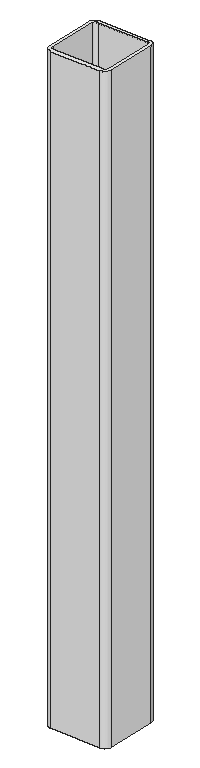
Revit family
Parameters (values of type "HSS254X254X13")
  Column Material [instance] = Metal - Steel - 345 MPa
  Assembly Code = ""
  A = 0.012 m²
  Ht = 254 mm
  W = 0.91202
  Shape = "Square"
  b = 254 mm
  kr = 2 * t  # 25.4 mm
  t = 12.7 mm
Reference planes
  plane 1 "Center (Front/Back)": y = 0
  plane 2: z = 0
  plane 3 "Center (Left/Right)": x = 0
  plane 4: x = -127
  plane 5: x = 127
  plane 6: y = 127
  plane 7: y = -127
  plane 8: x = -101.6
  plane 9: y = -101.6
  plane 10: y = 101.6
  plane 11: x = 101.6
Forms (mm)
  Extrusion 1, solid, material "Metal - Steel - 345 MPa" <- "Column Material", detail levels medium
    sketch origin (0, 0, 0) x (1, 0, 0) y (0, 1, 0)
      loop
        line (-127, 127) -> (-127, -127) -> (127, -127) -> (127, 127) -> (-127, 127)
      loop
        line (-114.3, 114.3) -> (-114.3, -114.3) -> (114.3, -114.3) -> (114.3, 114.3) -> (-114.3, 114.3)
    from 0 to 2500
  Extrusion 2, solid, material "Metal - Steel - 345 MPa" <- "Column Material", detail levels fine
    sketch origin (0, 0, 0) x (1, 0, 0) y (0, 1, 0)
      loop
        arc (-101.6, 127) -> (-119.561, 119.561) -> (-127, 101.6) r 25.4
        line (-127, 101.6) -> (-127, -101.6)
        arc (-127, -101.6) -> (-119.561, -119.561) -> (-101.6, -127) r 25.4
        line (-101.6, -127) -> (101.6, -127)
        arc (101.6, -127) -> (119.561, -119.561) -> (127, -101.6) r 25.4
        line (127, -101.6) -> (127, 101.6)
        arc (127, 101.6) -> (119.561, 119.561) -> (101.6, 127) r 25.4
        line (101.6, 127) -> (-101.6, 127)
      loop
        arc (-101.6, 114.3) -> (-110.58, 110.58) -> (-114.3, 101.6) r 12.7
        line (-114.3, 101.6) -> (-114.3, -101.6)
        arc (-114.3, -101.6) -> (-110.58, -110.58) -> (-101.6, -114.3) r 12.7
        line (-101.6, -114.3) -> (101.6, -114.3)
        arc (101.6, -114.3) -> (110.58, -110.58) -> (114.3, -101.6) r 12.7
        line (114.3, -101.6) -> (114.3, 101.6)
        arc (114.3, 101.6) -> (110.58, 110.58) -> (101.6, 114.3) r 12.7
        line (101.6, 114.3) -> (-101.6, 114.3)
    from 0 to 2500
Lines and regions (mm)
  symbolic lines, style "StructuralColumnStickSymbols", detail levels coarse
    curve 1: line (-127, 127, 0) -> (127, 127, 0)
    curve 2: line (-127, -127, 0) -> (127, -127, 0)
    curve 5: line (-127, 127, 0) -> (-127, -127, 0)
    curve 6: line (127, 127, 0) -> (127, -127, 0)
  symbolic lines, style "Hidden Faces", detail levels medium+fine
    curve 3: line (-114.3, 0, 0) -> (-114.3, 0, 2500)
    curve 4: line (114.3, 0, 2500) -> (114.3, 0, 0)
Dimensions and locks
  equal spacing: plane 4, plane 3 "Center (Left/Right)", plane 5
  equal spacing: plane 7, plane 1 "Center (Front/Back)", plane 6
  "Ht": plane 7 to plane 6
  "b": plane 4 to plane 5
  "t": Extrusion 1 sketch curve to plane 5
  "t": plane 4 to Extrusion 1 sketch curve
  "t": Extrusion 1 sketch curve to plane 6
  "t": Extrusion 1 sketch curve to plane 7
  "t": Extrusion 2 sketch curve to plane 6
  "t": Extrusion 2 sketch curve to plane 5
  "t": plane 4 to Extrusion 2 sketch curve
  "t": Extrusion 2 sketch curve to plane 7
  "kr": plane 10 to plane 6
  "kr": plane 7 to plane 9
  "kr": plane 11 to plane 5
  "kr": plane 4 to plane 8
  aligned and locked: plane 6 to Extrusion 1 sketch curve
  aligned and locked: Extrusion 1 sketch curve to plane 7
  aligned and locked: Extrusion 1 sketch curve to plane 4
  aligned and locked: plane 5 to Extrusion 1 sketch curve
  aligned and locked: level to Extrusion 1
  aligned and locked: level to plane 2
  aligned and locked: Extrusion 1 to plane 2
  aligned and locked: curve 1 to Extrusion 2 sketch curve
  aligned and locked: Extrusion 2 sketch curve to Extrusion 1
  aligned and locked: level to Extrusion 2
  aligned and locked: curve 4 to Extrusion 2
  aligned and locked: curve 3 to Extrusion 2
Automatic sketch dimensions
  Extrusion 2 sketch curve to plane 8 = 0 mm  (x4)
  Extrusion 2 sketch curve to plane 7 = 0 mm
  Extrusion 2 sketch curve to plane 11 = 0 mm
  Extrusion 2 sketch curve to plane 10 = 0 mm  (x2)
  Extrusion 2 sketch curve to plane 9 = 0 mm  (x2)
  curve 3 to level = 0 mm  (x2)
  curve 4 to level = 0 mm  (x2)
  curve 5 to plane 4 = 0 mm
  curve 2 to plane 5 = 0 mm
  curve 5 to plane 7 = 0 mm
  curve 5 to plane 6 = 0 mm
